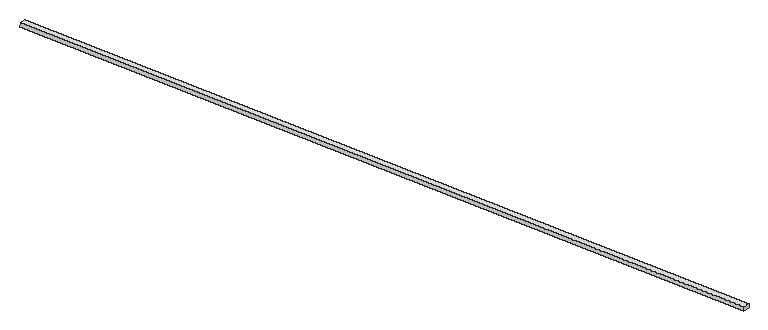
Revit family "MarshallTufflex_ElectricalFittings_TrunkingDado_Mini_MMT2a", category Generic Models, host Face, Revit 2016
Family settings
  Host = Face
  Part Type = Normal
  Can host rebar = No
  Round Connector Dimension = Use Diameter
  OmniClass Number = 23.80.30.17.14
  OmniClass Title = Wireways
  Cut with Voids When Loaded = Yes
  Shared = Yes
  Room Calculation Point = No
Parameters (values of type "MMT2")
  _DistributedBy = "www.bimstore.co.uk"
  _CurrentRevision = 1
  _CreatedBy = "www.marshall-tufflex.com"
  _BimSpecGuid = 0
  _BSBibleVersion = 15
  _AuthorizedBy = "IH"
  _Author = "Marshall-Tufflex Ltd"
  Weekly [instance] = "Please Record On Commisioning"
  WarrantyStartDate [instance] = "Please Record On Commisioning"
  WarrantyID [instance] = "Please Record On Commisioning"
  WarrantyGuarantorParts = "Sales@marshall-tufflex.com"
  WarrantyGuarantorLabor [instance] = "Please Record On Commisioning"
  WarrantyDurationUnit = "Years"
  WarrantyDurationParts = 0
  WarrantyDurationLabor = 0
  WarrantyDescription [instance] = "Please Record On Commisioning"
  URL = "www.marshall-tufflex.com"
  TypeName = "Marshall Tufflex Electrical Fitting Trunking Dado Mini"
  Type Comments = "Dado Trunking Single Compartment With Cover"
  Type = "Trunking"
  Sub-Type = "Dado"
  SquareAngleUp [instance] = no
  SquareAngleDown [instance] = no
  OffsetCeilingTeeMMT2RH [instance] = no
  OffsetCeilingTeeMMT2LH [instance] = no
  OffsetCeilingTeeMMT1RH [instance] = no
  OffsetCeilingTeeMMT1LH [instance] = no
  MMT2CeilingTeeRH [instance] = no
  MMT2CeilingTeeLH [instance] = no
  MMT1SquareUnequalTeeUp [instance] = no
  MMT1SquareUnequalTeeDown [instance] = no
  SpareParts = "Sales@marshall-tufflex.com"
  ShippingWeight = 0
  Shape = "25x16mm"
  SerialNumber [instance] = "Please Record On Commisioning"
  ResponsibleSourcingOfMaterials = "n/a"
  ResponsibleExtractionOfMaterials = "n/a"
  ReplacementCost = "Sales@marshall-tufflex.com"
  ReferencedStandard = "BS EN 50085-1"
  ReferenceStandard = "BS EN 50085-1"
  Quarterly [instance] = "Please Record On Commisioning"
  ProductionYear = "2018"
  ProductRange = "Mini"
  ProductModelNumber = "MMT2"
  ProductLiterature = "www.marshall-tufflex.com"
  OverallWidth = 16.000 mm
  OverallLength [instance] = 3000.000 mm
  OverallHeight = 25.000 mm
  O&Mmanual = "www.marshall-tufflex.com"
  NominalLength = 3000.000 mm
  NominalHeight = 25.000 mm
  NominalDepth = 16.000 mm
  NBSReference = "90-55-10/390"
  NBSOfficeMasterTag = "n/a"
  NBSObjectName = "MT MiniTrunkingMMT2"
  NBSNote = ""
  NBSDescription = "Proprietry Tunking"
  Monthly [instance] = "Please Record On Commisioning"
  ModelReference = "Mini"
  ModelNumber = "MMT2"
  Model = "Mini"
  MaterialIngredientReporting = "n/a"
  Material = "PVCu"
  ManufacturerWebsite = "www.marshall-tufflex.com"
  ManufacturerName = "Marshall-Tufflex Ltd"
  Manufacturer = "Marshall-Tufflex Ltd"
  MMT1CeilingTeeRH [instance] = no
  MMT1CeilingTeeLH [instance] = no
  LocationOfManufacturer = "N 50°52'39\" E 0°31'41\""
  LifeCycleAnalysis = "n/a"
  LidConfiguration = "Tamper Proof"
  Keynote = "V90"
  InternalBend [instance] = no
  InstallationDate [instance] = "Please Record On Commisioning"
  IfcExportType = "IfcCableSegmentType"
  IfcExportAs = "IfcFlowSegment"
  GrossWeight = 0
  GreenGuideforSpecification = 0
  Grade = "n/a"
  Fittings = "www.marshall-tufflex.com"
  Finish = "Matt"
  Features = "Variety of sizes, self-fixing and punched options"
  ExternalBend [instance] = no
  ExpectedLife = 0
  ErPEnergyLabel = "n/a"
  EqualSquareTeeUp [instance] = no
  EqualSquareTeeDown [instance] = no
  EnvironmentalProductDeclaration = "n/a"
  EnergyTechnologyList = "n/a"
  EndCapRH [instance] = no
  EndCapLH [instance] = no
  EnclosureRating = "IP4X"
  EmbodiedCarbon = 0
  DurationUnit = "Years"
  DocumentationTechnical = "www.marshall-tufflex.com"
  DocumentationMaintenance = "www.marshall-tufflex.com"
  DocumentationLiterature = "www.marshall-tufflex.com"
  DocumentationInstallationGuide = "www.marshall-tufflex.com"
  DocumentationCertificates = "www.marshall-tufflex.com"
  Description = "Trunking Dado MT Mini MMT2"
  Default Elevation = 1200.000 mm
  Daily [instance] = "Please Record On Commisioning"
  CreatedOn = "2018-11-26T09:00:00"
  CreatedBy = "Sales@marshall-tufflex.com"
  Coupler [instance] = no
  Cost = 0
  Constituents = "Mini Trunking"
  Compartments = "No"
  Colour = "White (RAL9003)"
  Color = "White (RAL9003)"
  CodePerformance = "n/a"
  ClassificationValue = "Pr_65_70_11_61"
  ClassificationName = "Uniclass2015"
  CEApproval = "Yes"
  BespokeTimeframe [instance] = "Please Record On Commisioning"
  BarCode [instance] = "Please Record On Commisioning"
  BIMObjectName = "MarshallTufflex_ElectricalFittings_TrunkingDado_Mini_MMT2"
  AssetType = "Fixed"
  AssetIdentifier [instance] = "Please Record On Commisioning"
  Assembly Code = "D5010"
  Annually [instance] = "Please Record On Commisioning"
  AngleTeeRH [instance] = no
  AngleTeeLH [instance] = no
  AccessoryBoxDepth = "n/a"
  Accessories = "www.marshall-tufflex.com"
  AccessibilityPerformance = "n/a"
  AccessClearanceTop = 0.000 mm
  AccessClearanceRight = 0.000 mm
  AccessClearanceRear = 0.000 mm
  AccessClearanceLeft = 0.000 mm
  AccessClearanceFront = 0.000 mm
  AccessClearanceBottom = 0.000 mm
  6Monthly [instance] = "Please Record On Commisioning"
Reference planes
  plane 1 "Center (Front/Back)": y = 0
  plane 2: z = 0
  plane 3 "Center (Left/Right)": x = 0
  plane 4: x = 3000
  plane 5: y = -12.5
  plane 6: y = 12.5
  plane 7: z = 16
Forms (mm)
  Extrusion 1, solid, material "PVC, Unplasticized"
    sketch origin (0, 0, 0) x (0, 1, 0) y (0, 0, 1)
      loop
        line (12.5, 0) -> (12.5, 16) -> (-12.5, 16) -> (-12.5, 0) -> (12.5, 0)
    from 0 to 3000
Dimensions and locks
  "OverallLength": plane 4 to plane 3 "Center (Left/Right)"
  plane 3 "Center (Left/Right)" to plane 4 = 3000.000 mm
  equal spacing: plane 6, plane 1 "Center (Front/Back)", plane 5
  "OverallHeight": plane 6 to plane 5
  "OverallWidth": plane 7 to host face
  aligned and locked: plane 2 to host face
  aligned and locked: level to host face
  aligned and locked: plane 7 to Extrusion 1 sketch curve
  aligned and locked: Extrusion 1 sketch curve to level
  aligned and locked: Extrusion 1 sketch curve to plane 5
  aligned and locked: plane 6 to Extrusion 1 sketch curve
  aligned and locked: Extrusion 1 to plane 4
  aligned and locked: plane 1 "Center (Front/Back)" to nested 1
  aligned and locked: nested 1 to plane 4
  aligned and locked: plane 3 "Center (Left/Right)" to nested 2
  aligned and locked: plane 1 "Center (Front/Back)" to nested 2
  aligned and locked: nested 3 to plane 4
  aligned and locked: plane 1 "Center (Front/Back)" to nested 3
  aligned and locked: plane 4 to nested 5
  aligned and locked: plane 1 "Center (Front/Back)" to nested 5
  aligned and locked: nested 4 to plane 4
  aligned and locked: nested 4 to plane 1 "Center (Front/Back)"
  aligned and locked: plane 4 to nested 7
  aligned and locked: plane 1 "Center (Front/Back)" to nested 7
  aligned and locked: nested 6 to plane 4
  aligned and locked: nested 6 to plane 1 "Center (Front/Back)"
  aligned and locked: plane 4 to nested 8
  aligned and locked: plane 1 "Center (Front/Back)" to nested 8
  aligned and locked: plane 4 to nested 9
  aligned and locked: plane 1 "Center (Front/Back)" to nested 9
  aligned and locked: nested 10 to plane 3 "Center (Left/Right)"
  aligned and locked: plane 1 "Center (Front/Back)" to nested 10
  aligned and locked: nested 11 to plane 3 "Center (Left/Right)"
  aligned and locked: plane 1 "Center (Front/Back)" to nested 11
  aligned and locked: nested 12 to plane 4
  aligned and locked: nested 12 to plane 1 "Center (Front/Back)"
  aligned and locked: nested 13 to plane 3 "Center (Left/Right)"
  aligned and locked: plane 1 "Center (Front/Back)" to nested 13
  aligned and locked: nested 14 to plane 3 "Center (Left/Right)"
  aligned and locked: plane 1 "Center (Front/Back)" to nested 14
  aligned and locked: nested 15 to plane 4
  aligned and locked: nested 15 to plane 1 "Center (Front/Back)"
  aligned and locked: plane 3 "Center (Left/Right)" to nested 16
  aligned and locked: plane 1 "Center (Front/Back)" to nested 16
  aligned and locked: plane 4 to nested 17
  aligned and locked: plane 1 "Center (Front/Back)" to nested 17
  aligned and locked: nested 18 to plane 4
  aligned and locked: plane 1 "Center (Front/Back)" to nested 18
  aligned and locked: nested 19 to plane 4
  aligned and locked: plane 1 "Center (Front/Back)" to nested 19
  aligned and locked: nested 20 to plane 4
  aligned and locked: plane 1 "Center (Front/Back)" to nested 20
  aligned and locked: plane 4 to nested 21
  aligned and locked: plane 1 "Center (Front/Back)" to nested 21
Automatic sketch dimensions
  host sketch curve to host sketch curve = 2438.400 mm  (x2)
Nested families
  nested 1: "MarshallTufflex_ElectricalFittings_TrunkingDado_Coupler" at (2977.5, 0, 0), visible <- "Coupler", type "MarshallTufflex_ElectricalFittings_TrunkingDado_Mini_Coupler_TC2"
    with Weekly "Please Record On Commisioning", WarrantyStartDate "Please Record On Commisioning", WarrantyID "Please Record On Commisioning", WarrantyGuarantorLabor "Please Record On Commisioning", WarrantyDescription "Please Record On Commisioning", SerialNumber "Please Record On Commisioning", Quarterly "Please Record On Commisioning", Monthly "Please Record On Commisioning", InstallationDate "Please Record On Commisioning", Daily "Please Record On Commisioning", BespokeTimeframe "Please Record On Commisioning", BarCode "Please Record On Commisioning", AssetIdentifier "Please Record On Commisioning", Annually "Please Record On Commisioning", 6Monthly "Please Record On Commisioning"
  nested 2: "MarshallTufflex_ElectricalFittings_TrunkingDado_EndCap" at (-2, 0, 0), visible <- "EndCapLH", type "MarshallTufflex_ElectricalFittings_TrunkingDado_Mini_EndCap_TEC2"
    with Weekly "Please Record On Commisioning", WarrantyStartDate "Please Record On Commisioning", WarrantyID "Please Record On Commisioning", WarrantyGuarantorLabor "Please Record On Commisioning", WarrantyDescription "Please Record On Commisioning", SerialNumber "Please Record On Commisioning", Quarterly "Please Record On Commisioning", Monthly "Please Record On Commisioning", InstallationDate "Please Record On Commisioning", Daily "Please Record On Commisioning", BespokeTimeframe "Please Record On Commisioning", BarCode "Please Record On Commisioning", AssetIdentifier "Please Record On Commisioning", Annually "Please Record On Commisioning", 6Monthly "Please Record On Commisioning"
  nested 3: "MarshallTufflex_ElectricalFittings_TrunkingDado_EndCap" at (3000, 0, 0), visible <- "EndCapRH", type "MarshallTufflex_ElectricalFittings_TrunkingDado_Mini_EndCap_TEC2"
    with Weekly "Please Record On Commisioning", WarrantyStartDate "Please Record On Commisioning", WarrantyID "Please Record On Commisioning", WarrantyGuarantorLabor "Please Record On Commisioning", WarrantyDescription "Please Record On Commisioning", SerialNumber "Please Record On Commisioning", Quarterly "Please Record On Commisioning", Monthly "Please Record On Commisioning", InstallationDate "Please Record On Commisioning", Daily "Please Record On Commisioning", BespokeTimeframe "Please Record On Commisioning", BarCode "Please Record On Commisioning", AssetIdentifier "Please Record On Commisioning", Annually "Please Record On Commisioning", 6Monthly "Please Record On Commisioning"
  nested 4: "MarshallTufflex_ElectricalFittings_TrunkingDado_SquareEqualTee" at (3000, -30, 0) x (0, 1, 0) z (0, 0, 1), visible <- "EqualSquareTeeDown", type "MarshallTufflex_ElectricalFittings_TrunkingDado_Mini_EqualSquareTee_TT2-2"
    with Weekly "Please Record On Commisioning", WarrantyStartDate "Please Record On Commisioning", WarrantyID "Please Record On Commisioning", WarrantyGuarantorLabor "Please Record On Commisioning", WarrantyDescription "Please Record On Commisioning", SerialNumber "Please Record On Commisioning", Quarterly "Please Record On Commisioning", Monthly "Please Record On Commisioning", InstallationDate "Please Record On Commisioning", Daily "Please Record On Commisioning", BespokeTimeframe "Please Record On Commisioning", BarCode "Please Record On Commisioning", AssetIdentifier "Please Record On Commisioning", Annually "Please Record On Commisioning", 6Monthly "Please Record On Commisioning"
  nested 5: "MarshallTufflex_ElectricalFittings_TrunkingDado_SquareEqualTee" at (3000, 30, 0) x (0, -1, 0) z (0, 0, 1), visible <- "EqualSquareTeeUp", type "MarshallTufflex_ElectricalFittings_TrunkingDado_Mini_EqualSquareTee_TT2-2"
    with Weekly "Please Record On Commisioning", WarrantyStartDate "Please Record On Commisioning", WarrantyID "Please Record On Commisioning", WarrantyGuarantorLabor "Please Record On Commisioning", WarrantyDescription "Please Record On Commisioning", SerialNumber "Please Record On Commisioning", Quarterly "Please Record On Commisioning", Monthly "Please Record On Commisioning", InstallationDate "Please Record On Commisioning", Daily "Please Record On Commisioning", BespokeTimeframe "Please Record On Commisioning", BarCode "Please Record On Commisioning", AssetIdentifier "Please Record On Commisioning", Annually "Please Record On Commisioning", 6Monthly "Please Record On Commisioning"
  nested 6: "MarshallTufflex_ElectricalFittings_TrunkingDado_SquareUnequalTee" at (3000, -30, 0) x (0, 1, 0) z (0, 0, 1), visible <- "MMT1SquareUnequalTeeDown", type "MarshallTufflex_ElectricalFittings_TrunkingDado_Mini_SquareUnequalTee_TT2-1"
    with Weekly "Please Record On Commisioning", WarrantyStartDate "Please Record On Commisioning", WarrantyID "Please Record On Commisioning", WarrantyGuarantorLabor "Please Record On Commisioning", WarrantyDescription "Please Record On Commisioning", SerialNumber "Please Record On Commisioning", Quarterly "Please Record On Commisioning", Monthly "Please Record On Commisioning", InstallationDate "Please Record On Commisioning", Daily "Please Record On Commisioning", BespokeTimeframe "Please Record On Commisioning", BarCode "Please Record On Commisioning", AssetIdentifier "Please Record On Commisioning", Annually "Please Record On Commisioning", 6Monthly "Please Record On Commisioning"
  nested 7: "MarshallTufflex_ElectricalFittings_TrunkingDado_SquareUnequalTee" at (3000, 30, 0) x (0, -1, 0) z (0, 0, 1), visible <- "MMT1SquareUnequalTeeUp", type "MarshallTufflex_ElectricalFittings_TrunkingDado_Mini_SquareUnequalTee_TT2-1"
    with Weekly "Please Record On Commisioning", WarrantyStartDate "Please Record On Commisioning", WarrantyID "Please Record On Commisioning", WarrantyGuarantorLabor "Please Record On Commisioning", WarrantyDescription "Please Record On Commisioning", SerialNumber "Please Record On Commisioning", Quarterly "Please Record On Commisioning", Monthly "Please Record On Commisioning", InstallationDate "Please Record On Commisioning", Daily "Please Record On Commisioning", BespokeTimeframe "Please Record On Commisioning", BarCode "Please Record On Commisioning", AssetIdentifier "Please Record On Commisioning", Annually "Please Record On Commisioning", 6Monthly "Please Record On Commisioning"
  nested 8: "MarshallTufflex_ElectricalFittings_TrunkingDado_CeilingTee" at (3000, 14, 0) x (0, -1, 0) z (0, 0, 1), visible <- "MMT1CeilingTeeRH", type "MarshallTufflex_ElectricalFittings_TrunkingDado_Mini_CeilingTee_TCT2-1"
    with Weekly "Please Record On Commisioning", WarrantyStartDate "Please Record On Commisioning", WarrantyID "Please Record On Commisioning", WarrantyGuarantorLabor "Please Record On Commisioning", WarrantyDescription "Please Record On Commisioning", SerialNumber "Please Record On Commisioning", Quarterly "Please Record On Commisioning", Monthly "Please Record On Commisioning", InstallationDate "Please Record On Commisioning", Daily "Please Record On Commisioning", BespokeTimeframe "Please Record On Commisioning", BarCode "Please Record On Commisioning", AssetIdentifier "Please Record On Commisioning", Annually "Please Record On Commisioning", 6Monthly "Please Record On Commisioning"
  nested 9: "MarshallTufflex_ElectricalFittings_TrunkingDado_CeilingTee" at (3000, 14, 0) x (0, -1, 0) z (0, 0, 1), visible <- "MMT2CeilingTeeRH", type "MarshallTufflex_ElectricalFittings_TrunkingDado_Mini_CeilingTee_TCT2-2"
    with Weekly "Please Record On Commisioning", WarrantyStartDate "Please Record On Commisioning", WarrantyID "Please Record On Commisioning", WarrantyGuarantorLabor "Please Record On Commisioning", WarrantyDescription "Please Record On Commisioning", SerialNumber "Please Record On Commisioning", Quarterly "Please Record On Commisioning", Monthly "Please Record On Commisioning", InstallationDate "Please Record On Commisioning", Daily "Please Record On Commisioning", BespokeTimeframe "Please Record On Commisioning", BarCode "Please Record On Commisioning", AssetIdentifier "Please Record On Commisioning", Annually "Please Record On Commisioning", 6Monthly "Please Record On Commisioning"
  nested 10: "MarshallTufflex_ElectricalFittings_TrunkingDado_CeilingTee" at (0, 14, 0) x (0, -1, 0) z (0, 0, 1), visible <- "MMT1CeilingTeeLH", type "MarshallTufflex_ElectricalFittings_TrunkingDado_Mini_CeilingTee_TCT2-1"
    with Weekly "Please Record On Commisioning", WarrantyStartDate "Please Record On Commisioning", WarrantyID "Please Record On Commisioning", WarrantyGuarantorLabor "Please Record On Commisioning", WarrantyDescription "Please Record On Commisioning", SerialNumber "Please Record On Commisioning", Quarterly "Please Record On Commisioning", Monthly "Please Record On Commisioning", InstallationDate "Please Record On Commisioning", Daily "Please Record On Commisioning", BespokeTimeframe "Please Record On Commisioning", BarCode "Please Record On Commisioning", AssetIdentifier "Please Record On Commisioning", Annually "Please Record On Commisioning", 6Monthly "Please Record On Commisioning"
  nested 11: "MarshallTufflex_ElectricalFittings_TrunkingDado_CeilingTee" at (0, 14, 0) x (0, -1, 0) z (0, 0, 1), visible <- "MMT2CeilingTeeLH", type "MarshallTufflex_ElectricalFittings_TrunkingDado_Mini_CeilingTee_TCT2-2"
    with Weekly "Please Record On Commisioning", WarrantyStartDate "Please Record On Commisioning", WarrantyID "Please Record On Commisioning", WarrantyGuarantorLabor "Please Record On Commisioning", WarrantyDescription "Please Record On Commisioning", SerialNumber "Please Record On Commisioning", Quarterly "Please Record On Commisioning", Monthly "Please Record On Commisioning", InstallationDate "Please Record On Commisioning", Daily "Please Record On Commisioning", BespokeTimeframe "Please Record On Commisioning", BarCode "Please Record On Commisioning", AssetIdentifier "Please Record On Commisioning", Annually "Please Record On Commisioning", 6Monthly "Please Record On Commisioning"
  nested 12: "MarshallTufflex_ElectricalFittings_TrunkingDado_OffsetCeilingTee" at (3000, 0, 0) x (0, 1, 0) z (0, 0, 1), visible <- "OffsetCeilingTeeMMT1RH", type "MarshallTufflex_ElectricalFittings_TrunkingDado_Mini_OffsetCeilingTee_TOCT2-1"
    with Weekly "Please Record On Commisioning", WarrantyStartDate "Please Record On Commisioning", WarrantyID "Please Record On Commisioning", WarrantyGuarantorLabor "Please Record On Commisioning", WarrantyDescription "Please Record On Commisioning", SerialNumber "Please Record On Commisioning", Quarterly "Please Record On Commisioning", Monthly "Please Record On Commisioning", InstallationDate "Please Record On Commisioning", Daily "Please Record On Commisioning", BespokeTimeframe "Please Record On Commisioning", BarCode "Please Record On Commisioning", AssetIdentifier "Please Record On Commisioning", Annually "Please Record On Commisioning", 6Monthly "Please Record On Commisioning"
  nested 13: "MarshallTufflex_ElectricalFittings_TrunkingDado_OffsetCeilingTee" at (0, 0, 0) x (0, 1, 0) z (0, 0, 1), visible <- "OffsetCeilingTeeMMT1LH", type "MarshallTufflex_ElectricalFittings_TrunkingDado_Mini_OffsetCeilingTee_TOCT2-1"
    with Weekly "Please Record On Commisioning", WarrantyStartDate "Please Record On Commisioning", WarrantyID "Please Record On Commisioning", WarrantyGuarantorLabor "Please Record On Commisioning", WarrantyDescription "Please Record On Commisioning", SerialNumber "Please Record On Commisioning", Quarterly "Please Record On Commisioning", Monthly "Please Record On Commisioning", InstallationDate "Please Record On Commisioning", Daily "Please Record On Commisioning", BespokeTimeframe "Please Record On Commisioning", BarCode "Please Record On Commisioning", AssetIdentifier "Please Record On Commisioning", Annually "Please Record On Commisioning", 6Monthly "Please Record On Commisioning"
  nested 14: "MarshallTufflex_ElectricalFittings_TrunkingDado_OffsetCeilingTee" at (0, 0, 0) x (0, 1, 0) z (0, 0, 1), visible <- "OffsetCeilingTeeMMT2LH", type "MarshallTufflex_ElectricalFittings_TrunkingDado_Mini_OffsetCeilingTee_TOCT2-2"
    with Weekly "Please Record On Commisioning", WarrantyStartDate "Please Record On Commisioning", WarrantyID "Please Record On Commisioning", WarrantyGuarantorLabor "Please Record On Commisioning", WarrantyDescription "Please Record On Commisioning", SerialNumber "Please Record On Commisioning", Quarterly "Please Record On Commisioning", Monthly "Please Record On Commisioning", InstallationDate "Please Record On Commisioning", Daily "Please Record On Commisioning", BespokeTimeframe "Please Record On Commisioning", BarCode "Please Record On Commisioning", AssetIdentifier "Please Record On Commisioning", Annually "Please Record On Commisioning", 6Monthly "Please Record On Commisioning"
  nested 15: "MarshallTufflex_ElectricalFittings_TrunkingDado_OffsetCeilingTee" at (3000, 0, 0) x (0, 1, 0) z (0, 0, 1), visible <- "OffsetCeilingTeeMMT2RH", type "MarshallTufflex_ElectricalFittings_TrunkingDado_Mini_OffsetCeilingTee_TOCT2-2"
    with Weekly "Please Record On Commisioning", WarrantyStartDate "Please Record On Commisioning", WarrantyID "Please Record On Commisioning", WarrantyGuarantorLabor "Please Record On Commisioning", WarrantyDescription "Please Record On Commisioning", SerialNumber "Please Record On Commisioning", Quarterly "Please Record On Commisioning", Monthly "Please Record On Commisioning", InstallationDate "Please Record On Commisioning", Daily "Please Record On Commisioning", BespokeTimeframe "Please Record On Commisioning", BarCode "Please Record On Commisioning", AssetIdentifier "Please Record On Commisioning", Annually "Please Record On Commisioning", 6Monthly "Please Record On Commisioning"
  nested 16: "MarshallTufflex_ElectricalFittings_TrunkingDado_AngleTee" at (0, 0, 0), visible <- "AngleTeeLH", type "MarshallTufflex_ElectricalFittings_TrunkingDado_Mini_AngleTee_TAT2LH"
    with Weekly "Please Record On Commisioning", WarrantyStartDate "Please Record On Commisioning", WarrantyID "Please Record On Commisioning", WarrantyGuarantorLabor "Please Record On Commisioning", WarrantyDescription "Please Record On Commisioning", SerialNumber "Please Record On Commisioning", Quarterly "Please Record On Commisioning", Monthly "Please Record On Commisioning", InstallationDate "Please Record On Commisioning", Daily "Please Record On Commisioning", BespokeTimeframe "Please Record On Commisioning", BarCode "Please Record On Commisioning", AssetIdentifier "Please Record On Commisioning", Annually "Please Record On Commisioning", 6Monthly "Please Record On Commisioning"
  nested 17: "MarshallTufflex_ElectricalFittings_TrunkingDado_AngleTee" at (3000, 0, 0) x (0, -1, 0) z (0, 0, 1), visible <- "AngleTeeRH", type "MarshallTufflex_ElectricalFittings_TrunkingDado_Mini_AngleTee_TAT2RH"
    with Weekly "Please Record On Commisioning", WarrantyStartDate "Please Record On Commisioning", WarrantyID "Please Record On Commisioning", WarrantyGuarantorLabor "Please Record On Commisioning", WarrantyDescription "Please Record On Commisioning", SerialNumber "Please Record On Commisioning", Quarterly "Please Record On Commisioning", Monthly "Please Record On Commisioning", InstallationDate "Please Record On Commisioning", Daily "Please Record On Commisioning", BespokeTimeframe "Please Record On Commisioning", BarCode "Please Record On Commisioning", AssetIdentifier "Please Record On Commisioning", Annually "Please Record On Commisioning", 6Monthly "Please Record On Commisioning"
  nested 18: "MarshallTufflex_ElectricalFittings_TrunkingDado_InternalBend" at (3000, 0, 0), visible <- "InternalBend", type "MarshallTufflex_ElectricalFittings_TrunkingDado_Mini_InternalBend_TIB2"
    with Weekly "Please Record On Commisioning", WarrantyStartDate "Please Record On Commisioning", WarrantyID "Please Record On Commisioning", WarrantyGuarantorLabor "Please Record On Commisioning", WarrantyDescription "Please Record On Commisioning", SerialNumber "Please Record On Commisioning", Quarterly "Please Record On Commisioning", Monthly "Please Record On Commisioning", InstallationDate "Please Record On Commisioning", Daily "Please Record On Commisioning", BespokeTimeframe "Please Record On Commisioning", BarCode "Please Record On Commisioning", AssetIdentifier "Please Record On Commisioning", Annually "Please Record On Commisioning", 6Monthly "Please Record On Commisioning"
  nested 19: "MarshallTufflex_ElectricalFittings_TrunkingDado_ExternalBend" at (3000, 0, 0), visible <- "ExternalBend", type "MarshallTufflex_ElectricalFittings_TrunkingDado_Mini_ExternalBend_TEB2"
    with Weekly "Please Record On Commisioning", WarrantyStartDate "Please Record On Commisioning", WarrantyID "Please Record On Commisioning", WarrantyGuarantorLabor "Please Record On Commisioning", WarrantyDescription "Please Record On Commisioning", SerialNumber "Please Record On Commisioning", Quarterly "Please Record On Commisioning", Monthly "Please Record On Commisioning", InstallationDate "Please Record On Commisioning", Daily "Please Record On Commisioning", BespokeTimeframe "Please Record On Commisioning", BarCode "Please Record On Commisioning", AssetIdentifier "Please Record On Commisioning", Annually "Please Record On Commisioning", 6Monthly "Please Record On Commisioning"
  nested 20: "MarshallTufflex_ElectricalFittings_TrunkingDado_SquareAngle" at (3000, 0, 0), visible <- "SquareAngleDown", type "MarshallTufflex_ElectricalFittings_TrunkingDado_Mini_SquareAngle_TFB2"
    with Weekly "Please Record On Commisioning", WarrantyStartDate "Please Record On Commisioning", WarrantyID "Please Record On Commisioning", WarrantyGuarantorLabor "Please Record On Commisioning", WarrantyDescription "Please Record On Commisioning", SerialNumber "Please Record On Commisioning", Quarterly "Please Record On Commisioning", Monthly "Please Record On Commisioning", InstallationDate "Please Record On Commisioning", Daily "Please Record On Commisioning", BespokeTimeframe "Please Record On Commisioning", BarCode "Please Record On Commisioning", AssetIdentifier "Please Record On Commisioning", Annually "Please Record On Commisioning", 6Monthly "Please Record On Commisioning"
  nested 21: "MarshallTufflex_ElectricalFittings_TrunkingDado_SquareAngle" at (3000, 0, 0) x (0, -1, 0) z (0, 0, 1), visible <- "SquareAngleUp", type "MarshallTufflex_ElectricalFittings_TrunkingDado_Mini_SquareAngle_TFB2"
    with Weekly "Please Record On Commisioning", WarrantyStartDate "Please Record On Commisioning", WarrantyID "Please Record On Commisioning", WarrantyGuarantorLabor "Please Record On Commisioning", WarrantyDescription "Please Record On Commisioning", SerialNumber "Please Record On Commisioning", Quarterly "Please Record On Commisioning", Monthly "Please Record On Commisioning", InstallationDate "Please Record On Commisioning", Daily "Please Record On Commisioning", BespokeTimeframe "Please Record On Commisioning", BarCode "Please Record On Commisioning", AssetIdentifier "Please Record On Commisioning", Annually "Please Record On Commisioning", 6Monthly "Please Record On Commisioning"
Definition of nested family "MarshallTufflex_ElectricalFittings_TrunkingDado_Coupler"
  Parameters (values of type "MarshallTufflex_ElectricalFittings_TrunkingDado_Mini_Coupler_TC6")
    _DistributedBy = "www.bimstore.co.uk"
    _CurrentRevision = 1
    _CreatedBy = "www.marshall-tufflex.com"
    _BimSpecGuid = 0
    _BSBibleVersion = 15
    _AuthorizedBy = ""
    _Author = "Marshall-Tufflex Ltd"
    Weekly [instance] = "Please Record On Commisioning"
    WarrantyStartDate [instance] = "Please Record On Commisioning"
    WarrantyID [instance] = "Please Record On Commisioning"
    WarrantyGuarantorParts = "Sales@marshall-tufflex.com"
    WarrantyGuarantorLabor [instance] = "Please Record On Commisioning"
    WarrantyDurationUnit = "Years"
    WarrantyDurationParts = 0
    WarrantyDurationLabor = 0
    WarrantyDescription [instance] = "Please Record On Commisioning"
    URL = "www.marshall-tufflex.com"
    TypeName = "Marshall Tufflex Electrical Fitting Trunking Dado Mini"
    Type Comments = "Dado Trunking MMT6 Coupler"
    Type = "Trunking"
    Sub-Type = "Fitting"
    SpareParts = "Sales@marshall-tufflex.com"
    ShippingWeight = 0
    Shape = "40x40mm"
    SerialNumber [instance] = "Please Record On Commisioning"
    ResponsibleSourcingOfMaterials = "n/a"
    ResponsibleExtractionOfMaterials = "n/a"
    ReplacementCost = "Sales@marshall-tufflex.com"
    ReferencedStandard = "BS EN 50085-1"
    ReferenceStandard = "BS EN 50085-1"
    Quarterly [instance] = "Please Record On Commisioning"
    ProductionYear = "2018"
    ProductRange = "Mini"
    ProductModelNumber = "TC6"
    ProductLiterature = "www.marshall-tufflex.com"
    OverallWidth = 40.000 mm
    OverallLength = 50.000 mm
    OverallHeight = 40.000 mm
    O&Mmanual = "www.marshall-tufflex.com"
    NominalLength = 50.000 mm
    NominalHeight = 40.000 mm
    NominalDepth = 40.000 mm
    NBSReference = "90-55-10/390"
    NBSOfficeMasterTag = "n/a"
    NBSObjectName = "MT MiniCouplerTC6"
    NBSNote = ""
    NBSDescription = "Proprietry Tunking"
    Monthly [instance] = "Please Record On Commisioning"
    ModelReference = "Mini"
    ModelNumber = "TC6"
    Model = "Mini"
    MaterialIngredientReporting = "n/a"
    Material = "PVCu"
    ManufacturerWebsite = "www.marshall-tufflex.com"
    ManufacturerName = "Marshall-Tufflex Ltd"
    Manufacturer = "Marshall-Tufflex Ltd"
    LocationOfManufacturer = "N 50°52'39\" E 0°31'41\""
    LifeCycleAnalysis = "n/a"
    LidConfiguration = "Tamper Proof"
    Keynote = "V90"
    InstallationDate [instance] = "Please Record On Commisioning"
    IfcExportType = "IfcCableSegmentType"
    IfcExportAs = "IfcFlowSegment"
    GrossWeight = 0
    GreenGuideforSpecification = 0
    Grade = "n/a"
    Fittings = "www.marshall-tufflex.com"
    Finish = "Matt"
    Features = "Variety of sizes, self-fixing and punched options"
    ExpectedLife = 0
    ErPEnergyLabel = "n/a"
    EnvironmentalProductDeclaration = "n/a"
    EnergyTechnologyList = "n/a"
    EnclosureRating = "IP4X"
    EmbodiedCarbon = 0
    DurationUnit = "Years"
    DocumentationTechnical = "www.marshall-tufflex.com"
    DocumentationMaintenance = "www.marshall-tufflex.com"
    DocumentationLiterature = "www.marshall-tufflex.com"
    DocumentationInstallationGuide = "www.marshall-tufflex.com"
    DocumentationCertificates = "www.marshall-tufflex.com"
    Description = "Trunking Dado MT Mini Coupler TC6"
    Default Elevation = 1200.000 mm
    DatumLine = OverallLength / 2  # 25.000 mm
    Daily [instance] = "Please Record On Commisioning"
    CreatedOn = "2018-11-26T09:00:00"
    CreatedBy = "Sales@marshall-tufflex.com"
    Cost = 0
    Constituents = "Mini Trunking"
    Compartments = "No"
    Colour = "White (RAL9003)"
    Color = "White (RAL9003)"
    CodePerformance = "n/a"
    ClassificationValue = "Pr_65_70_11_61"
    ClassificationName = "Uniclass2015"
    CEApproval = "Yes"
    BespokeTimeframe [instance] = "Please Record On Commisioning"
    BarCode [instance] = "Please Record On Commisioning"
    BIMObjectName = "MarshallTufflex_ElectricalFittings_TrunkingDado_Mini_Coupler_TC6"
    AssetType = "Fixed"
    AssetIdentifier [instance] = "Please Record On Commisioning"
    Assembly Code = "D5010"
    Annually [instance] = "Please Record On Commisioning"
    AccessoryBoxDepth = "n/a"
    Accessories = "www.marshall-tufflex.com"
    AccessibilityPerformance = "n/a"
    AccessClearanceTop = 0.000 mm
    AccessClearanceRight = 0.000 mm
    AccessClearanceRear = 0.000 mm
    AccessClearanceLeft = 0.000 mm
    AccessClearanceFront = 0.000 mm
    AccessClearanceBottom = 0.000 mm
    6Monthly [instance] = "Please Record On Commisioning"
  Types (6, lengths in mm): name | Type Comments | Shape | ProductModelNumber | OverallWidth | OverallLength | OverallHeight | NominalLength | NominalHeight | NominalDepth | NBSObjectName | ModelNumber | Description | DatumLine | BIMObjectName
    MarshallTufflex_ElectricalFittings_TrunkingDado_Mini_Coupler_TC1 | "Dado Trunking MMT1 Coupler" | "19x18mm" | "TC1" | 18.000 | 45.000 | 19.000 | 45.000 | 19.000 | 18.000 | "MT MiniCouplerTC1" | "TC1" | "Trunking Dado MT Mini Coupler TC1" | 22.500 | "MarshallTufflex_ElectricalFittings_TrunkingDado_Mini_Coupler_TC1"
    MarshallTufflex_ElectricalFittings_TrunkingDado_Mini_Coupler_TC2 | "Dado Trunking MMT2 Coupler" | "28x18mm" | "TC2" | 18.000 | 45.000 | 28.000 | 45.000 | 28.000 | 18.000 | "MT MiniCouplerTC2" | "TC2" | "Trunking Dado MT Mini Coupler TC2" | 22.500 | "MarshallTufflex_ElectricalFittings_TrunkingDado_Mini_Coupler_TC2"
    MarshallTufflex_ElectricalFittings_TrunkingDado_Mini_Coupler_TC3 | "Dado Trunking MMT3 Coupler" | "41x18mm" | "TC3" | 18.000 | 45.000 | 41.000 | 45.000 | 41.000 | 18.000 | "MT MiniCouplerTC3" | "TC3" | "Trunking Dado MT Mini Coupler TC3" | 22.500 | "MarshallTufflex_ElectricalFittings_TrunkingDado_Mini_Coupler_TC3"
    MarshallTufflex_ElectricalFittings_TrunkingDado_Mini_Coupler_TC4 | "Dado Trunking MMT4 Coupler" | "41x27mm" | "TC4" | 27.000 | 45.000 | 41.000 | 45.000 | 41.000 | 27.000 | "MT MiniCouplerTC4" | "TC4" | "Trunking Dado MT Mini Coupler TC4" | 22.500 | "MarshallTufflex_ElectricalFittings_TrunkingDado_Mini_Coupler_TC4"
    MarshallTufflex_ElectricalFittings_TrunkingDado_Mini_Coupler_TC5 | "Dado Trunking MMT5 Coupler" | "53x27mm" | "TC5" | 27.000 | 85.000 | 53.000 | 85.000 | 53.000 | 27.000 | "MT MiniCouplerTC5" | "TC5" | "Trunking Dado MT Mini Coupler TC5" | 42.500 | "MarshallTufflex_ElectricalFittings_TrunkingDado_Mini_Coupler_TC5"
    MarshallTufflex_ElectricalFittings_TrunkingDado_Mini_Coupler_TC6 | "Dado Trunking MMT6 Coupler" | "40x40mm" | "TC6" | 40.000 | 50.000 | 40.000 | 50.000 | 40.000 | 40.000 | "MT MiniCouplerTC6" | "TC6" | "Trunking Dado MT Mini Coupler TC6" | 25.000 | "MarshallTufflex_ElectricalFittings_TrunkingDado_Mini_Coupler_TC6"
  Reference planes
    plane 1 "Center (Front/Back)": y = 0
    plane 2: z = 0
    plane 3 "Center (Left/Right)": x = 0
    plane 4: x = 50
    plane 5: y = -20
    plane 6: y = 20
    plane 7: z = 40
    plane 8: x = 25
  Forms (mm)
    Extrusion 1, solid
      sketch origin (0, 0, 0) x (1, 0, 0) y (0, 1, 0)
        loop
          line (-1219.2, 1219.2) -> (-1219.2, -1219.2) -> (1219.2, -1219.2) -> (1219.2, 1219.2) -> (-1219.2, 1219.2)
      from 0 to -304.8
    Extrusion 2, solid
      sketch origin (0, 0, 0) x (1, 0, 0) y (0, 1, 0)
        loop
          line (0, -20) -> (50, -20) -> (50, 20) -> (0, 20) -> (0, -20)
      from 0 to 40
  Dimensions and locks
    "OverallLength": plane 4 to plane 3 "Center (Left/Right)"
    plane 3 "Center (Left/Right)" to plane 4 = 50.000 mm
    equal spacing: plane 6, plane 1 "Center (Front/Back)", plane 5
    "OverallHeight": plane 6 to plane 5
    "OverallWidth": plane 7 to Extrusion 1
    "DatumLine": plane 3 "Center (Left/Right)" to plane 8
    aligned and locked: plane 2 to Extrusion 1
    aligned and locked: level to Extrusion 1
    aligned and locked: plane 6 to Extrusion 2 sketch curve
    aligned and locked: Extrusion 2 sketch curve to plane 5
    aligned and locked: Extrusion 2 sketch curve to plane 4
    aligned and locked: Extrusion 2 sketch curve to plane 3 "Center (Left/Right)"
    aligned and locked: plane 7 to Extrusion 2
  Automatic sketch dimensions
    Extrusion 1 sketch curve to Extrusion 1 sketch curve = 2438.400 mm  (x2)
Definition of nested family "MarshallTufflex_ElectricalFittings_TrunkingDado_EndCap"
  Parameters (values of type "MarshallTufflex_ElectricalFittings_TrunkingDado_Mini_EndCap_TEC1")
    _DistributedBy = "www.bimstore.co.uk"
    _CurrentRevision = 1
    _CreatedBy = "www.marshall-tufflex.com"
    _BimSpecGuid = 0
    _BSBibleVersion = 15
    _AuthorizedBy = ""
    _Author = "Marshall-Tufflex Ltd"
    Weekly [instance] = "Please Record On Commisioning"
    WarrantyStartDate [instance] = "Please Record On Commisioning"
    WarrantyID [instance] = "Please Record On Commisioning"
    WarrantyGuarantorParts = "Sales@marshall-tufflex.com"
    WarrantyGuarantorLabor [instance] = "Please Record On Commisioning"
    WarrantyDurationUnit = "Years"
    WarrantyDurationParts = 0
    WarrantyDurationLabor = 0
    WarrantyDescription [instance] = "Please Record On Commisioning"
    URL = "www.marshall-tufflex.com"
    TypeName = "Marshall Tufflex Electrical Fitting Trunking Dado Mini"
    Type Comments = "Dado Trunking MMT1 End Cap"
    Type = "Trunking"
    Sub-Type = "Fitting"
    SpareParts = "Sales@marshall-tufflex.com"
    ShippingWeight = 0
    Shape = "16x16mm"
    SerialNumber [instance] = "Please Record On Commisioning"
    ResponsibleSourcingOfMaterials = "n/a"
    ResponsibleExtractionOfMaterials = "n/a"
    ReplacementCost = "Sales@marshall-tufflex.com"
    ReferencedStandard = "BS EN 50085-1"
    ReferenceStandard = "BS EN 50085-1"
    Quarterly [instance] = "Please Record On Commisioning"
    ProductionYear = "2018"
    ProductRange = "Mini"
    ProductModelNumber = "TEC1"
    ProductLiterature = "www.marshall-tufflex.com"
    OverallWidth = 16.000 mm
    OverallLength = 2.000 mm
    OverallHeight = 16.000 mm
    O&Mmanual = "www.marshall-tufflex.com"
    NominalLength = 2.000 mm
    NominalHeight = 16.000 mm
    NominalDepth = 16.000 mm
    NBSReference = "90-55-10/390"
    NBSOfficeMasterTag = "n/a"
    NBSObjectName = "MT MiniEndCapTEC1"
    NBSNote = ""
    NBSDescription = "Proprietry Tunking"
    Monthly [instance] = "Please Record On Commisioning"
    ModelReference = "Mini"
    ModelNumber = "TEC1"
    Model = "Mini"
    MaterialIngredientReporting = "n/a"
    Material = "PVCu"
    ManufacturerWebsite = "www.marshall-tufflex.com"
    ManufacturerName = "Marshall-Tufflex Ltd"
    Manufacturer = "Marshall-Tufflex Ltd"
    LocationOfManufacturer = "N 50°52'39\" E 0°31'41\""
    LifeCycleAnalysis = "n/a"
    LidConfiguration = "Tamper Proof"
    Keynote = "V90"
    InstallationDate [instance] = "Please Record On Commisioning"
    IfcExportType = "IfcCableSegmentType"
    IfcExportAs = "IfcFlowSegment"
    GrossWeight = 0
    GreenGuideforSpecification = 0
    Grade = "n/a"
    Fittings = "www.marshall-tufflex.com"
    Finish = "Matt"
    Features = "Variety of sizes, self-fixing and punched options"
    ExpectedLife = 0
    ErPEnergyLabel = "n/a"
    EnvironmentalProductDeclaration = "n/a"
    EnergyTechnologyList = "n/a"
    EnclosureRating = "IP4X"
    EmbodiedCarbon = 0
    DurationUnit = "Years"
    DocumentationTechnical = "www.marshall-tufflex.com"
    DocumentationMaintenance = "www.marshall-tufflex.com"
    DocumentationLiterature = "www.marshall-tufflex.com"
    DocumentationInstallationGuide = "www.marshall-tufflex.com"
    DocumentationCertificates = "www.marshall-tufflex.com"
    Description = "Trunking Dado MT Mini End Cap TEC1"
    Default Elevation = 1200.000 mm
    Daily [instance] = "Please Record On Commisioning"
    CreatedOn = "2018-11-26T09:00:00"
    CreatedBy = "Sales@marshall-tufflex.com"
    Cost = 0
    Constituents = "Mini Trunking"
    Compartments = "No"
    Colour = "White (RAL9003)"
    Color = "White (RAL9003)"
    CodePerformance = "n/a"
    ClassificationValue = "Pr_65_70_11_61"
    ClassificationName = "Uniclass2015"
    CEApproval = "Yes"
    BespokeTimeframe [instance] = "Please Record On Commisioning"
    BarCode [instance] = "Please Record On Commisioning"
    BIMObjectName = "MarshallTufflex_ElectricalFittings_TrunkingDado_Mini_EndCap_TEC1"
    AssetType = "Fixed"
    AssetIdentifier [instance] = "Please Record On Commisioning"
    Assembly Code = "D5010"
    Annually [instance] = "Please Record On Commisioning"
    AccessoryBoxDepth = "n/a"
    Accessories = "www.marshall-tufflex.com"
    AccessibilityPerformance = "n/a"
    AccessClearanceTop = 0.000 mm
    AccessClearanceRight = 0.000 mm
    AccessClearanceRear = 0.000 mm
    AccessClearanceLeft = 0.000 mm
    AccessClearanceFront = 0.000 mm
    AccessClearanceBottom = 0.000 mm
    6Monthly [instance] = "Please Record On Commisioning"
  Types (6, lengths in mm): name | Type Comments | Shape | ProductModelNumber | OverallWidth | OverallHeight | NominalHeight | NominalDepth | NBSObjectName | ModelNumber | Description | BIMObjectName
    MarshallTufflex_ElectricalFittings_TrunkingDado_Mini_EndCap_TEC1 | "Dado Trunking MMT1 End Cap" | "16x16mm" | "TEC1" | 16.000 | 16.000 | 16.000 | 16.000 | "MT MiniEndCapTEC1" | "TEC1" | "Trunking Dado MT Mini End Cap TEC1" | "MarshallTufflex_ElectricalFittings_TrunkingDado_Mini_EndCap_TEC1"
    MarshallTufflex_ElectricalFittings_TrunkingDado_Mini_EndCap_TEC2 | "Dado Trunking MMT2 End Cap" | "25x16mm" | "TEC2" | 16.000 | 25.000 | 25.000 | 16.000 | "MT MiniEndCapTEC2" | "TEC2" | "Trunking Dado MT Mini End Cap TEC2" | "MarshallTufflex_ElectricalFittings_TrunkingDado_Mini_EndCap_TEC2"
    MarshallTufflex_ElectricalFittings_TrunkingDado_Mini_EndCap_TEC3 | "Dado Trunking MMT3 End Cap" | "38x16mm" | "TEC3" | 16.000 | 38.000 | 38.000 | 16.000 | "MT MiniEndCapTEC3" | "TEC3" | "Trunking Dado MT Mini End Cap TEC3" | "MarshallTufflex_ElectricalFittings_TrunkingDado_Mini_EndCap_TEC3"
    MarshallTufflex_ElectricalFittings_TrunkingDado_Mini_EndCap_TEC4 | "Dado Trunking MMT4 End Cap" | "38x25mm" | "TEC4" | 25.000 | 38.000 | 38.000 | 25.000 | "MT MiniEndCapTEC4" | "TEC4" | "Trunking Dado MT Mini End Cap TEC4" | "MarshallTufflex_ElectricalFittings_TrunkingDado_Mini_EndCap_TEC4"
    MarshallTufflex_ElectricalFittings_TrunkingDado_Mini_EndCap_TEC5 | "Dado Trunking MMT5 End Cap" | "50x25mm" | "TEC5" | 25.000 | 50.000 | 50.000 | 25.000 | "MT MiniEndCapTEC5" | "TEC5" | "Trunking Dado MT Mini End Cap TEC5" | "MarshallTufflex_ElectricalFittings_TrunkingDado_Mini_EndCap_TEC5"
    MarshallTufflex_ElectricalFittings_TrunkingDado_Mini_EndCap_TEC6 | "Dado Trunking MMT6 End Cap" | "38x38mm" | "TEC6" | 38.000 | 38.000 | 38.000 | 38.000 | "MT MiniEndCapTEC6" | "TEC6" | "Trunking Dado MT Mini End Cap TEC6" | "MarshallTufflex_ElectricalFittings_TrunkingDado_Mini_EndCap_TEC6"
  Reference planes
    plane 1 "Center (Front/Back)": y = 0
    plane 2: z = 0
    plane 3 "Center (Left/Right)": x = 0
    plane 4: x = 2
    plane 5: y = -8
    plane 6: y = 8
    plane 7: z = 16
  Forms (mm)
    Extrusion 1, solid
      sketch origin (0, 0, 0) x (1, 0, 0) y (0, 1, 0)
        loop
          line (-1219.2, 1219.2) -> (-1219.2, -1219.2) -> (1219.2, -1219.2) -> (1219.2, 1219.2) -> (-1219.2, 1219.2)
      from 0 to -304.8
    Extrusion 2, solid
      sketch origin (0, 0, 0) x (0, 1, 0) y (0, 0, 1)
        loop
          line (8, 16) -> (-8, 16) -> (-8, 0) -> (8, 0) -> (8, 16)
      from 0 to 2
  Dimensions and locks
    "OverallLength": plane 4 to plane 3 "Center (Left/Right)"
    plane 3 "Center (Left/Right)" to plane 4 = 2.000 mm
    equal spacing: plane 6, plane 1 "Center (Front/Back)", plane 5
    "OverallHeight": plane 6 to plane 5
    "OverallWidth": plane 7 to Extrusion 1
    aligned and locked: plane 2 to Extrusion 1
    aligned and locked: level to Extrusion 1
    aligned and locked: plane 7 to Extrusion 2 sketch curve
    aligned and locked: plane 6 to Extrusion 2 sketch curve
    aligned and locked: Extrusion 2 sketch curve to level
    aligned and locked: Extrusion 2 sketch curve to plane 5
    aligned and locked: Extrusion 2 to plane 4
  Automatic sketch dimensions
    Extrusion 1 sketch curve to Extrusion 1 sketch curve = 2438.400 mm  (x2)
Definition of nested family "MarshallTufflex_ElectricalFittings_TrunkingDado_SquareEqualTee"
  Parameters (values of type "MarshallTufflex_ElectricalFittings_TrunkingDado_Mini_EqualSquareTee_TT4-4")
    _DistributedBy = "www.bimstore.co.uk"
    _CurrentRevision = 1
    _CreatedBy = "www.marshall-tufflex.com"
    _BimSpecGuid = 0
    _BSBibleVersion = 15
    _AuthorizedBy = ""
    _Author = "Marshall-Tufflex Ltd"
    Weekly [instance] = "Please Record On Commisioning"
    WarrantyStartDate [instance] = "Please Record On Commisioning"
    WarrantyID [instance] = "Please Record On Commisioning"
    WarrantyGuarantorParts = "Sales@marshall-tufflex.com"
    WarrantyGuarantorLabor [instance] = "Please Record On Commisioning"
    WarrantyDurationUnit = "Years"
    WarrantyDurationParts = 0
    WarrantyDurationLabor = 0
    WarrantyDescription [instance] = "Please Record On Commisioning"
    URL = "www.marshall-tufflex.com"
    TypeName = "Marshall Tufflex Electrical Fitting Trunking Dado Mini"
    Type Comments = "Dado Trunking MMT4 Equal Square Tee"
    Type = "Trunking"
    Sub-Type = "Fitting"
    SpareParts = "Sales@marshall-tufflex.com"
    ShippingWeight = 0
    Shape = "41x27mm"
    SerialNumber [instance] = "Please Record On Commisioning"
    ResponsibleSourcingOfMaterials = "n/a"
    ResponsibleExtractionOfMaterials = "n/a"
    ReplacementCost = "Sales@marshall-tufflex.com"
    ReferencedStandard = "BS EN 50085-1"
    ReferenceStandard = "BS EN 50085-1"
    Quarterly [instance] = "Please Record On Commisioning"
    ProductionYear = "2018"
    ProductRange = "Mini"
    ProductModelNumber = "TT4-4"
    ProductLiterature = "www.marshall-tufflex.com"
    OverallWidth = 57.000 mm
    OverallLength = 73.000 mm
    OverallHeight = 27.000 mm
    O&Mmanual = "www.marshall-tufflex.com"
    NominalLength = NominalDepth / 2  # 20.500 mm
    NominalHeight = 27.000 mm
    NominalDepth = 41.000 mm
    NBSReference = "90-55-10/390"
    NBSOfficeMasterTag = "n/a"
    NBSObjectName = "MT MiniEqualSquareTeeTT4-4"
    NBSNote = ""
    NBSDescription = "Proprietry Tunking"
    Monthly [instance] = "Please Record On Commisioning"
    ModelReference = "Mini"
    ModelNumber = "TT4-4"
    Model = "Mini"
    MaterialIngredientReporting = "n/a"
    Material = "PVCu"
    ManufacturerWebsite = "www.marshall-tufflex.com"
    ManufacturerName = "Marshall-Tufflex Ltd"
    Manufacturer = "Marshall-Tufflex Ltd"
    LocationOfManufacturer = "N 50°52'39\" E 0°31'41\""
    LifeCycleAnalysis = "n/a"
    LidConfiguration = "Tamper Proof"
    Keynote = "V90"
    InstallationDate [instance] = "Please Record On Commisioning"
    IfcExportType = "IfcCableSegmentType"
    IfcExportAs = "IfcFlowSegment"
    GrossWeight = 0
    GreenGuideforSpecification = 0
    Grade = "n/a"
    Fittings = "www.marshall-tufflex.com"
    Finish = "Matt"
    Features = "Variety of sizes, self-fixing and punched options"
    ExpectedLife = 0
    ErPEnergyLabel = "n/a"
    EnvironmentalProductDeclaration = "n/a"
    EnergyTechnologyList = "n/a"
    EnclosureRating = "IP4X"
    EmbodiedCarbon = 0
    DurationUnit = "Years"
    DocumentationTechnical = "www.marshall-tufflex.com"
    DocumentationMaintenance = "www.marshall-tufflex.com"
    DocumentationLiterature = "www.marshall-tufflex.com"
    DocumentationInstallationGuide = "www.marshall-tufflex.com"
    DocumentationCertificates = "www.marshall-tufflex.com"
    Description = "Trunking Dado MT Mini Equal Square Tee TT4-4"
    Default Elevation = 1200.000 mm
    Daily [instance] = "Please Record On Commisioning"
    CreatedOn = "2018-11-26T09:00:00"
    CreatedBy = "Sales@marshall-tufflex.com"
    Cost = 0
    Constituents = "Mini Trunking"
    Compartments = "No"
    Colour = "White (RAL9003)"
    Color = "White (RAL9003)"
    CodePerformance = "n/a"
    ClassificationValue = "Pr_65_70_11_61"
    ClassificationName = "Uniclass2015"
    CEApproval = "Yes"
    BespokeTimeframe [instance] = "Please Record On Commisioning"
    BarCode [instance] = "Please Record On Commisioning"
    BIMObjectName = "MarshallTufflex_ElectricalFittings_TrunkingDado_Mini_EqualSquareTee_TT4-4"
    AssetType = "Fixed"
    AssetIdentifier [instance] = "Please Record On Commisioning"
    Assembly Code = "D5010"
    Annually [instance] = "Please Record On Commisioning"
    AccessoryBoxDepth = "n/a"
    Accessories = "www.marshall-tufflex.com"
    AccessibilityPerformance = "n/a"
    AccessClearanceTop = 0.000 mm
    AccessClearanceRight = 0.000 mm
    AccessClearanceRear = 0.000 mm
    AccessClearanceLeft = 0.000 mm
    AccessClearanceFront = 0.000 mm
    AccessClearanceBottom = 0.000 mm
    6Monthly [instance] = "Please Record On Commisioning"
  Types (6, lengths in mm): name | Type Comments | Shape | ProductModelNumber | OverallWidth | OverallLength | OverallHeight | NominalLength | NominalHeight | NominalDepth | NBSObjectName | ModelNumber | Description | BIMObjectName
    MarshallTufflex_ElectricalFittings_TrunkingDado_Mini_EqualSquareTee_TT1-1 | "Dado Trunking MMT1 Equal Square Tee" | "19x18mm" | "TT1-1" | 35.000 | 51.000 | 18.000 | 9.500 | 18.000 | 19.000 | "MT MiniEqualSquareTeeTT1-1" | "TT1-1" | "Trunking Dado MT Mini Equal Square Tee TT1-1" | "MarshallTufflex_ElectricalFittings_TrunkingDado_Mini_EqualSquareTee_TT1-1"
    MarshallTufflex_ElectricalFittings_TrunkingDado_Mini_EqualSquareTee_TT2-2 | "Dado Trunking MMT2 Equal Square Tee" | "28x18mm" | "TT2-2" | 44.000 | 60.000 | 18.000 | 14.000 | 18.000 | 28.000 | "MT MiniEqualSquareTeeTT2-2" | "TT2-2" | "Trunking Dado MT Mini Equal Square Tee TT2-2" | "MarshallTufflex_ElectricalFittings_TrunkingDado_Mini_EqualSquareTee_TT2-2"
    MarshallTufflex_ElectricalFittings_TrunkingDado_Mini_EqualSquareTee_TT3-3 | "Dado Trunking MMT3 Equal Square Tee" | "38x16mm" | "TT3-3" | 57.000 | 73.000 | 18.000 | 20.500 | 18.000 | 41.000 | "MT MiniEqualSquareTeeTT3-3" | "TT3-3" | "Trunking Dado MT Mini Equal Square Tee TT3-3" | "MarshallTufflex_ElectricalFittings_TrunkingDado_Mini_EqualSquareTee_TT3-3"
    MarshallTufflex_ElectricalFittings_TrunkingDado_Mini_EqualSquareTee_TT4-4 | "Dado Trunking MMT4 Equal Square Tee" | "41x27mm" | "TT4-4" | 57.000 | 73.000 | 27.000 | 20.500 | 27.000 | 41.000 | "MT MiniEqualSquareTeeTT4-4" | "TT4-4" | "Trunking Dado MT Mini Equal Square Tee TT4-4" | "MarshallTufflex_ElectricalFittings_TrunkingDado_Mini_EqualSquareTee_TT4-4"
    MarshallTufflex_ElectricalFittings_TrunkingDado_Mini_EqualSquareTee_TT5-5 | "Dado Trunking MMT5 Equal Square Tee" | "53x27mm" | "TT5-5" | 69.000 | 85.000 | 27.000 | 26.500 | 27.000 | 53.000 | "MT MiniEqualSquareTeeTT5-5" | "TT5-5" | "Trunking Dado MT Mini Equal Square Tee TT5-5" | "MarshallTufflex_ElectricalFittings_TrunkingDado_Mini_EqualSquareTee_TT5-5"
    MarshallTufflex_ElectricalFittings_TrunkingDado_Mini_EqualSquareTee_TT6-6 | "Dado Trunking MMT6 Equal Square Tee" | "40x40mm" | "TT6-6" | 58.000 | 73.000 | 40.000 | 20.000 | 40.000 | 40.000 | "MT MiniEqualSquareTeeTT6-6" | "TT6-6" | "Trunking Dado MT Mini Equal Square Tee TT6-6" | "MarshallTufflex_ElectricalFittings_TrunkingDado_Mini_EqualSquareTee_TT6-6"
  Reference planes
    plane 1 "Center (Front/Back)": y = 0
    plane 2: z = 0
    plane 3 "Center (Left/Right)": x = 0
    plane 4: y = 20.5
    plane 5: y = -20.5
    plane 6: x = 57
    plane 7: x = 16
    plane 8: z = 27
    plane 9: y = 36.5
    plane 10: y = -36.5
    plane 11: x = 36.5
  Forms (mm)
    Extrusion 1, solid
      sketch origin (0, 0, 0) x (1, 0, 0) y (0, 1, 0)
        loop
          line (-1219.2, 1219.2) -> (-1219.2, -1219.2) -> (1219.2, -1219.2) -> (1219.2, 1219.2) -> (-1219.2, 1219.2)
      from 0 to -304.8
    Extrusion 2, solid
      sketch origin (0, 0, 0) x (1, 0, 0) y (0, 1, 0)
        loop
          line (0, 20.5) -> (0, -20.5) -> (16, -20.5) -> (16, -36.5) -> (57, -36.5) -> (57, 36.5) -> (16, 36.5) -> (16, 20.5) -> (0, 20.5)
      from 0 to 27
  Dimensions and locks
    equal spacing: plane 4, plane 1 "Center (Front/Back)", plane 5
    "NominalDepth": plane 4 to plane 5
    "NominalDepth": plane 7 to plane 6
    "OverallWidth": plane 3 "Center (Left/Right)" to plane 6
    "NominalHeight": Extrusion 1 to plane 8
    equal spacing: plane 9, plane 1 "Center (Front/Back)", plane 10
    "OverallLength": plane 9 to plane 10
    "NominalLength": plane 7 to plane 11
    aligned and locked: plane 2 to Extrusion 1
    aligned and locked: level to Extrusion 1
    aligned and locked: Extrusion 2 sketch curve to plane 7  (x2)
    aligned and locked: Extrusion 2 sketch curve to plane 9
    aligned and locked: Extrusion 2 sketch curve to plane 4
    aligned and locked: plane 3 "Center (Left/Right)" to Extrusion 2 sketch curve
    aligned and locked: plane 5 to Extrusion 2 sketch curve
    aligned and locked: Extrusion 2 sketch curve to plane 10
    aligned and locked: Extrusion 2 sketch curve to plane 6
    aligned and locked: plane 8 to Extrusion 2
  Automatic sketch dimensions
    Extrusion 1 sketch curve to Extrusion 1 sketch curve = 2438.400 mm  (x2)
Definition of nested family "MarshallTufflex_ElectricalFittings_TrunkingDado_SquareUnequalTee"
  Parameters (values of type "MarshallTufflex_ElectricalFittings_TrunkingDado_Mini_SquareUnequalTee_TT4-3")
    _DistributedBy = "www.bimstore.co.uk"
    _CurrentRevision = 1
    _CreatedBy = "www.marshall-tufflex.com"
    _BimSpecGuid = 0
    _BSBibleVersion = 15
    _AuthorizedBy = ""
    _Author = "Marshall-Tufflex Ltd"
    Weekly [instance] = "Please Record On Commisioning"
    WarrantyStartDate [instance] = "Please Record On Commisioning"
    WarrantyID [instance] = "Please Record On Commisioning"
    WarrantyGuarantorParts = "Sales@marshall-tufflex.com"
    WarrantyGuarantorLabor [instance] = "Please Record On Commisioning"
    WarrantyDurationUnit = "Years"
    WarrantyDurationParts = 0
    WarrantyDurationLabor = 0
    WarrantyDescription [instance] = "Please Record On Commisioning"
    URL = "www.marshall-tufflex.com"
    TypeName = "Marshall Tufflex Electrical Fitting Trunking Dado Mini"
    Type Comments = "Dado Trunking MMT4/MMT3 Square Unequal Tee"
    Type = "Trunking"
    Sub-Type = "Fitting"
    SpareParts = "Sales@marshall-tufflex.com"
    ShippingWeight = 0
    Shape = "41x27mm"
    SerialNumber [instance] = "Please Record On Commisioning"
    ResponsibleSourcingOfMaterials = "n/a"
    ResponsibleExtractionOfMaterials = "n/a"
    ReplacementCost = "Sales@marshall-tufflex.com"
    ReferencedStandard = "BS EN 50085-1"
    ReferenceStandard = "BS EN 50085-1"
    Quarterly [instance] = "Please Record On Commisioning"
    ProductionYear = "2018"
    ProductRange = "Mini"
    ProductModelNumber = "TT4-3"
    ProductLiterature = "www.marshall-tufflex.com"
    OverallWidth = 57.000 mm
    OverallLength = 73.000 mm
    OverallHeight = 18.000 mm
    O&Mmanual = "www.marshall-tufflex.com"
    NominalLength = NominalDepth / 2  # 20.500 mm
    NominalHeight = 27.000 mm
    NominalDepth2 = 41.000 mm
    NominalDepth = 41.000 mm
    NBSReference = "90-55-10/390"
    NBSOfficeMasterTag = "n/a"
    NBSObjectName = "MT MiniSquareUnequalTeeTT4-3"
    NBSNote = ""
    NBSDescription = "Proprietry Tunking"
    Monthly [instance] = "Please Record On Commisioning"
    ModelReference = "Mini"
    ModelNumber = "TT4-3"
    Model = "Mini"
    MaterialIngredientReporting = "n/a"
    Material = "PVCu"
    ManufacturerWebsite = "www.marshall-tufflex.com"
    ManufacturerName = "Marshall-Tufflex Ltd"
    Manufacturer = "Marshall-Tufflex Ltd"
    LocationOfManufacturer = "N 50°52'39\" E 0°31'41\""
    LifeCycleAnalysis = "n/a"
    LidConfiguration = "Tamper Proof"
    Keynote = "V90"
    InstallationDate [instance] = "Please Record On Commisioning"
    IfcExportType = "IfcCableSegmentType"
    IfcExportAs = "IfcFlowSegment"
    GrossWeight = 0
    GreenGuideforSpecification = 0
    Grade = "n/a"
    Fittings = "www.marshall-tufflex.com"
    Finish = "Matt"
    Features = "Variety of sizes, self-fixing and punched options"
    ExpectedLife = 0
    ErPEnergyLabel = "n/a"
    EnvironmentalProductDeclaration = "n/a"
    EnergyTechnologyList = "n/a"
    EnclosureRating = "IP4X"
    EmbodiedCarbon = 0
    DurationUnit = "Years"
    DocumentationTechnical = "www.marshall-tufflex.com"
    DocumentationMaintenance = "www.marshall-tufflex.com"
    DocumentationLiterature = "www.marshall-tufflex.com"
    DocumentationInstallationGuide = "www.marshall-tufflex.com"
    DocumentationCertificates = "www.marshall-tufflex.com"
    Description = "Trunking Dado MT Mini Square Unequal Tee TT4-3"
    Default Elevation = 1200.000 mm
    Daily [instance] = "Please Record On Commisioning"
    CreatedOn = "2018-11-26T09:00:00"
    CreatedBy = "Sales@marshall-tufflex.com"
    Cost = 0
    Constituents = "Mini Trunking"
    Compartments = "No"
    Colour = "White (RAL9003)"
    Color = "White (RAL9003)"
    CodePerformance = "n/a"
    ClassificationValue = "Pr_65_70_11_61"
    ClassificationName = "Uniclass2015"
    CEApproval = "Yes"
    BespokeTimeframe [instance] = "Please Record On Commisioning"
    BarCode [instance] = "Please Record On Commisioning"
    BIMObjectName = "MarshallTufflex_ElectricalFittings_TrunkingDado_Mini_SquareUnequalTee_TT4-3"
    AssetType = "Fixed"
    AssetIdentifier [instance] = "Please Record On Commisioning"
    Assembly Code = "D5010"
    Annually [instance] = "Please Record On Commisioning"
    AccessoryBoxDepth = "n/a"
    Accessories = "www.marshall-tufflex.com"
    AccessibilityPerformance = "n/a"
    AccessClearanceTop = 0.000 mm
    AccessClearanceRight = 0.000 mm
    AccessClearanceRear = 0.000 mm
    AccessClearanceLeft = 0.000 mm
    AccessClearanceFront = 0.000 mm
    AccessClearanceBottom = 0.000 mm
    6Monthly [instance] = "Please Record On Commisioning"
  Types (6, lengths in mm): name | Type Comments | Shape | ProductModelNumber | OverallWidth | OverallLength | NominalLength | NominalHeight | NominalDepth2 | NominalDepth | NBSObjectName | ModelNumber | Description | BIMObjectName
    MarshallTufflex_ElectricalFittings_TrunkingDado_Mini_SquareUnequalTee_TT2-1 | "Dado Trunking MMT2/MMT1 Square Unequal Tee" | "28x18mm" | "TT2-1" | 44.000 | 60.000 | 14.000 | 18.000 | 19.000 | 28.000 | "MT MiniSquareUnequalTeeTT2-1" | "TT2-1" | "Trunking Dado MT Mini Square Unequal Tee TT2-1" | "MarshallTufflex_ElectricalFittings_TrunkingDado_Mini_SquareUnequalTee_TT2-1"
    MarshallTufflex_ElectricalFittings_TrunkingDado_Mini_SquareUnequalTee_TT3-1 | "Dado Trunking MMT3/MMT1 Square Unequal Tee" | "41x18mm" | "TT3-1" | 57.000 | 73.000 | 20.500 | 18.000 | 19.000 | 41.000 | "MT MiniSquareUnequalTeeTT3-1" | "TT3-1" | "Trunking Dado MT Mini Square Unequal Tee TT3-1" | "MarshallTufflex_ElectricalFittings_TrunkingDado_Mini_SquareUnequalTee_TT3-1"
    MarshallTufflex_ElectricalFittings_TrunkingDado_Mini_SquareUnequalTee_TT3-2 | "Dado Trunking MMT3/MMT2 Square Unequal Tee" | "41x16mm" | "TT3-2" | 57.000 | 73.000 | 20.500 | 18.000 | 28.000 | 41.000 | "MT MiniSquareUnequalTeeTT3-2" | "TT3-2" | "Trunking Dado MT Mini Square Unequal Tee TT3-2" | "MarshallTufflex_ElectricalFittings_TrunkingDado_Mini_SquareUnequalTee_TT3-2"
    MarshallTufflex_ElectricalFittings_TrunkingDado_Mini_SquareUnequalTee_TT4-1 | "Dado Trunking MMT4/MMT1 Square Unequal Tee" | "41x27mm" | "TT4-1" | 57.000 | 73.000 | 20.500 | 27.000 | 19.000 | 41.000 | "MT MiniSquareunequalTeeTT4-1" | "TT4-1" | "Trunking Dado MT Mini Square Unequal Tee TT4-1" | "MarshallTufflex_ElectricalFittings_TrunkingDado_Mini_SquareUnequalTee_TT4-1"
    MarshallTufflex_ElectricalFittings_TrunkingDado_Mini_SquareUnequalTee_TT4-2 | "Dado Trunking MMT4/MMT2 Square Unequal Tee" | "41x27mm" | "TT4-2" | 57.000 | 73.000 | 20.500 | 27.000 | 28.000 | 41.000 | "MT MiniSquareUnequalTeeTT4-2" | "TT4-2" | "Trunking Dado MT Mini Square Unequal Tee TT4-2" | "MarshallTufflex_ElectricalFittings_TrunkingDado_Mini_SquareUnequalTee_TT4-2"
    MarshallTufflex_ElectricalFittings_TrunkingDado_Mini_SquareUnequalTee_TT4-3 | "Dado Trunking MMT4/MMT3 Square Unequal Tee" | "41x27mm" | "TT4-3" | 57.000 | 73.000 | 20.500 | 27.000 | 41.000 | 41.000 | "MT MiniSquareUnequalTeeTT4-3" | "TT4-3" | "Trunking Dado MT Mini Square Unequal Tee TT4-3" | "MarshallTufflex_ElectricalFittings_TrunkingDado_Mini_SquareUnequalTee_TT4-3"
  Reference planes
    plane 1 "Center (Front/Back)": y = 0
    plane 2: z = 0
    plane 3 "Center (Left/Right)": x = 0
    plane 4: y = 20.5
    plane 5: y = -20.5
    plane 6: x = 57
    plane 7: x = 16
    plane 8: z = 27
    plane 9: y = 36.5
    plane 10: y = -36.5
    plane 11: x = 36.5
    plane 12: z = 18
  Forms (mm)
    Extrusion 1, solid
      sketch origin (0, 0, 0) x (1, 0, 0) y (0, 1, 0)
        loop
          line (-1219.2, 1219.2) -> (-1219.2, -1219.2) -> (1219.2, -1219.2) -> (1219.2, 1219.2) -> (-1219.2, 1219.2)
      from 0 to -304.8
    Extrusion 2, solid
      sketch origin (0, 0, 0) x (1, 0, 0) y (0, 1, 0)
        loop
          line (16, 36.5) -> (16, -36.5) -> (57, -36.5) -> (57, 36.5) -> (16, 36.5)
      from 0 to 27
    Extrusion 3, solid
      sketch origin (0, 0, 0) x (1, 0, 0) y (0, 1, 0)
        loop
          line (0, 20.5) -> (0, -20.5) -> (16, -20.5) -> (16, 20.5) -> (0, 20.5)
      from 0 to 18
  Cuts and joins
    joined: Extrusion 2, Extrusion 3
  Dimensions and locks
    equal spacing: plane 4, plane 1 "Center (Front/Back)", plane 5
    "NominalDepth2": plane 4 to plane 5
    "NominalDepth": plane 7 to plane 6
    "OverallWidth": plane 3 "Center (Left/Right)" to plane 6
